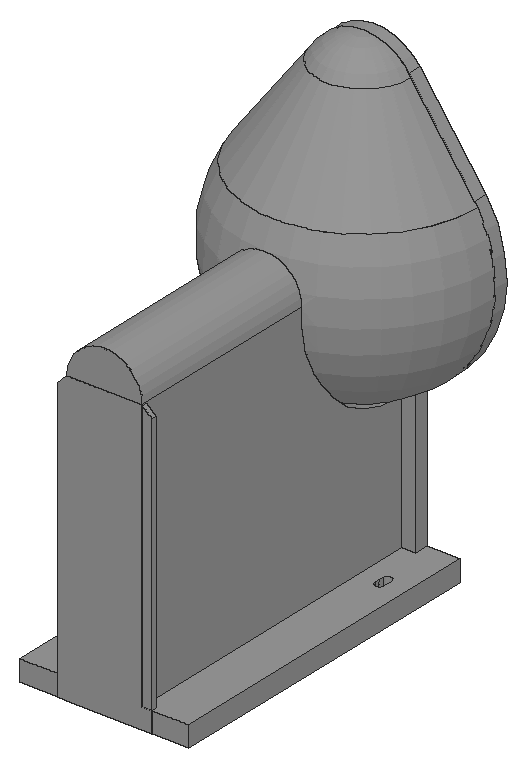
Revit family "Toilet-Willoughby-ETW-1490-FM-FA-TS-HC", category Plumbing Fixtures, Revit 2015
Parameters (values of type "Standard")
  Waste DIA = 2 3/8"
  Waste Connection = yes
  Vent Connection = no
  URL = "https://www.willoughby-ind.com/wp-content/uploads/2018/01/ETW-1490-FM-FA.pdf"
  Type Comments = ""
  Revision = "A"
  Model = "ETW-1490-FM-FA-TS-HC"
  Manufacturer = "Willoughby Industries"
  HW Connection = no
  Flush Inlet DIA = 1 1/2"
  Flush Inlet Connection = yes
  Fixture Body = Stainless Steel AISI 304-Willoughby
  Description = "Handicap Blowout Series Toilet, Front Access, Top Spud, Handicap Seat Height"
  Default Elevation = 0' - 0"
  Contact = "(800) 428-4065"
  CW Connection = no
Reference planes (in)
  plane 1 "Center (Front/Back)": y = 0
  plane 2: z = 0
  plane 3 "Center (Left/Right)": x = 0
  plane 4 "Seat": y = 18
  plane 5 "Top": y = 19
  plane 6: y = 17.25
  plane 7: z = 18.5
  plane 8: z = 14.933
  plane 9: x = 2.5
  plane 10: x = -2.5
  plane 11: z = 15.30775
  plane 12: x = 7
  plane 13: z = 18.24525
  plane 14: z = 8
  plane 15: z = 10
  plane 16: y = 14.5
  plane 17: y = 19.75
  plane 18: x = 2
  plane 19: x = -2
  plane 20: z = 25.75
  plane 21: x = 4.5
  plane 22: x = -4.5
  plane 23: z = 1.125
  plane 24: z = -3
  plane 25: y = 22
  plane 26: z = 2.75
Forms (in)
  Extrusion 1, solid, material "Stainless Steel AISI 304-Willoughby" <- "Fixture Body"
    sketch origin (0, 0, 0) x (1, 0, 0) y (0, 1, 0)
      loop
        line (-4.5, 0) -> (4.5, 0) -> (4.5, 18) -> (-4.5, 18) -> (-4.5, 0)
    from 0 to 1.125
  Revolve 2, solid, material "Stainless Steel AISI 304-Willoughby" <- "Fixture Body"
    sketch origin (-60, 17.25, 55.20755) x (-1, 0, 0) y (0, 0, 1)
      loop
        line (-60, -46.89981) -> (-60, -46.39981)
        arc (-60, -46.39981) -> (-65.42136, -42.59037) -> (-65.23755, -35.96698) r 7
        line (-65.23755, -35.96698) -> (-62.05388, -31.72393) -> (-61.99416, -31.59711)
        arc (-61.99416, -31.59711) -> (-61.12675, -30.82597) -> (-60, -30.54756) r 2.41924
        line (-60, -30.54756) -> (-60, -30.06664)
        arc (-60, -30.06664) -> (-61.44008, -30.44944) -> (-62.5, -31.49678) r 2.90017
        line (-62.5, -31.49678) -> (-66.0721, -36.41706)
        arc (-66.0721, -36.41706) -> (-66.0572, -43.40842) -> (-60, -46.89981) r 7
      axis (-60, -30.06664) -> (-60, -46.89981)
    angle from 0 to 180
  Extrusion 3, solid, material "Stainless Steel AISI 304-Willoughby" <- "Fixture Body"
    sketch origin (0, 0, 7.20755) x (1, 0, 0) y (0, 0, 1)
      loop
        line (-2.75, 1.72332) -> (-2.75, -6.08255) -> (2.75, -6.08255) -> (2.75, 1.7173)
        arc (2.75, 1.7173) -> (6.68642, 6.02823) -> (5.9122, 11.81443) r 6.90394
        line (5.9122, 11.81443) -> (2.39932, 16.65314)
        arc (2.39932, 16.65314) -> (-0.09029, 17.88384) -> (-2.5, 16.50322) r 2.95222
        line (-2.5, 16.50322) -> (-6.0792, 11.57317)
        arc (-6.0792, 11.57317) -> (-6.60519, 5.90783) -> (-2.75, 1.72332) r 7
      loop
        arc (-3.42861, 9.875) -> (0, 4.09219) -> (3.42861, 9.875) r 3.90781
        line (3.42861, 9.875) -> (1.45817, 16.45616)
        arc (1.45817, 16.45616) -> (-0.05754, 17.35793) -> (-1.5058, 16.35139) r 1.629
        line (-1.5058, 16.35139) -> (-3.42861, 9.875)
    from -18 to -17.25
  Extrusion 4, solid, material "Stainless Steel AISI 304-Willoughby" <- "Fixture Body"
    sketch origin (0, 0, 7.20827) x (0, 1, 0) y (0, 0, 1)
      loop
        line (0, 8.29885) -> (0, -6.20827) -> (17.25, -6.20827) -> (17.25, 1.12333)
        arc (17.25, 1.12333) -> (12.47455, 3.27791) -> (10.97879, 8.29885) r 6.30139
        line (10.97879, 8.29885) -> (0, 8.29885)
    from 2 to -2
  Revolve 5, solid, material "Stainless Steel AISI 304-Willoughby" <- "Fixture Body"
    sketch origin (0, 14.5, -24) x (0, 0, -1) y (-1, 0, 0)
      loop
        line (-25, 0) -> (-24, 0) -> (-24, 1.1875) -> (-25, 1.1875) -> (-25, 0)
      axis (-25, 0) -> (-24, 0)
    angle from 0 to 360
  Revolve 6, solid, material "Stainless Steel AISI 304-Willoughby" <- "Fixture Body"
    sketch origin (0, 0, 0) x (0, 1, 0) y (0, 0, 1)
      loop
        line (19, 2.75) -> (16, 2.75) -> (16, 2) -> (19, 2) -> (19, 2.75)
      axis (19, 2.75) -> (16, 2.75)
    angle from 0 to 360
  Extrusion 7, solid, material "Stainless Steel AISI 304-Willoughby" <- "Fixture Body"
    sketch origin (0, 0, 0) x (1, 0, 0) y (0, 0, 1)
      loop
        line (2, 0) -> (2.5, 0) -> (2.5, 15) -> (2, 15.5) -> (-2, 15.5) -> (-2.5, 15) -> (-2.5, 0) -> (-2, 0) -> (2, 0)
    from 0 to -0.25
  Extrusion 8, solid, material "Stainless Steel AISI 304-Willoughby" <- "Fixture Body"
    sketch origin (0, 0, 0) x (1, 0, 0) y (0, 0, 1)
      loop
        arc (2, 15.5) -> (0, 17.5) -> (-2, 15.5) r 2
        line (-2, 15.5) -> (2, 15.5)
    from 0 to -10.67767
  Extrusion 9, void
    sketch origin (0, 0, 0) x (1, 0, 0) y (0, 1, 0)
      loop
        line (3, 14.5) -> (3, 14.25)
        arc (3, 14.25) -> (3.25, 14) -> (3.5, 14.25) r 0.25
        line (3.5, 14.25) -> (3.5, 14.5) -> (3.5, 14.75)
        arc (3.5, 14.75) -> (3.25, 15) -> (3, 14.75) r 0.25
        line (3, 14.75) -> (3, 14.5)
      loop
        line (-3.5, 14.5) -> (-3.5, 14.25)
        arc (-3.5, 14.25) -> (-3.25, 14) -> (-3, 14.25) r 0.25
        line (-3, 14.25) -> (-3, 14.5) -> (-3, 14.75)
        arc (-3, 14.75) -> (-3.25, 15) -> (-3.5, 14.75) r 0.25
        line (-3.5, 14.75) -> (-3.5, 14.5)
    from 0 to 2
Cuts and joins
  Extrusion 9 cuts Extrusion 1
  Extrusion 9 cuts Revolve 2
  Extrusion 9 cuts Extrusion 4
  joined: Extrusion 1, Revolve 2, Extrusion 4
Lines and regions (in)
  symbolic lines
    curve 1: line (2, 0.25, 0) -> (2.5, 0.25, 0)
    curve 2: line (2.5, 0.25, 0) -> (2.5, 0, 0)
    curve 3: line (2.5, 0, 0) -> (-2.5, 0, 0)
    curve 4: line (-2.5, 0, 0) -> (-2.5, 0.25, 0)
    curve 5: line (-2.5, 0.25, 0) -> (-2, 0.25, 0)
    curve 6: line (-7, 17.25, 0) -> (-7, 18, 0)
    curve 7: line (-7, 18, 0) -> (7.00196, 18, 0)
    curve 8: line (7.00196, 18, 0) -> (7.00196, 17.25, 0)
    curve 9: arc (7.00196, 17.25, 0) -> (5.61382, 13.06611, 0) -> (2, 10.5418, 0) r 6.99922
    curve 10: arc (2, 10.5418, 0) -> (0, 10.61834, 0) -> (-2, 10.5418, 0) r 26.16613
    curve 11: arc (-2, 10.5418, 0) -> (-5.61249, 13.0667, 0) -> (-7, 17.25, 0) r 7
    curve 12: line (2, 10.5418, 0) -> (2, 0, 0)
    curve 13: line (-2, 10.5418, 0) -> (-2, 0, 0)
    curve 14: line (-2.75, 0, 8.93087) -> (-2.75, 0, 1.125)
    curve 15: line (-2.75, 0, 1.125) -> (-4.5, 0, 1.125)
    curve 16: line (-4.5, 0, 1.125) -> (-4.5, 0, 0)
    curve 17: line (-4.5, 0, 0) -> (4.5, 0, 0)
    curve 18: line (4.5, 0, 0) -> (4.5, 0, 1.125)
    curve 19: line (4.5, 0, 1.125) -> (2.75, 0, 1.125)
    curve 20: line (2.75, 0, 1.125) -> (2.75, 0, 8.92485)
    curve 21: arc (2.75, 0, 8.92485) -> (6.68642, 0, 13.23579) -> (5.9122, 0, 19.02199) r 6.90394
    curve 22: line (5.9122, 0, 19.02199) -> (2.39932, 0, 23.86069)
    curve 23: arc (2.39932, 0, 23.86069) -> (1.34707, 0, 24.77707) -> (0, 0, 25.14092) r 3.10883
    curve 24: arc (0, 0, 25.14092) -> (-1.45449, 0, 24.78331) -> (-2.5, 0, 23.71078) r 2.72376
    curve 25: line (-2.5, 0, 23.71078) -> (-6.0721, 0, 18.7905)
    curve 26: arc (-6.0721, 0, 18.7905) -> (-6.60686, 0, 13.12083) -> (-2.75, 0, 8.93087) r 6.99821
    curve 32: line (0, 10.67767, 17.5) -> (0, 0, 17.5)
    curve 33: line (0, 0, 17.5) -> (0, 0, 0)
    curve 34: line (0, 0, 0) -> (0, 18, 0)
    curve 35: line (0, 18, 0) -> (0, 18, 25.09277)
    curve 36: line (0, 18, 25.09277) -> (0, 17.25, 25.09277)
    curve 37: arc (0, 17.25, 25.09277) -> (0, 15.82172, 24.72428) -> (0, 14.75, 23.71078) r 2.95222
    curve 38: line (0, 14.75, 23.71078) -> (0, 11.1779, 18.7905)
    curve 39: arc (0, 11.1779, 18.7905) -> (0, 10.86253, 18.15775) -> (0, 10.60333, 17.5) r 8.12985
    curve 40: arc (0, 10.60333, 17.5) -> (0, 10.59028, 16.50307) -> (0, 10.54407, 15.50712) r 29.97618
    curve 41: arc (0, 10.54407, 15.50712) -> (0, 10.71035, 13.67853) -> (0, 11.42201, 11.98593) r 5.99798
    curve 42: arc (0, 11.42201, 11.98593) -> (0, 13.81176, 9.32269) -> (0, 17.25, 8.3316) r 6.4873
    curve 43: line (0, 18, 8.93087) -> (0, 17.25, 8.93087)
    curve 44: line (0, 17.25, 8.93087) -> (0, 17.25, 1.125)
    curve 45: line (0, 17.25, 1.125) -> (0, 0, 1.125)
    curve 46: line (-4.5, 11.8881, 0) -> (-4.5, 0, 0)
    curve 47: line (4.5, 11.88682, 0) -> (4.5, 0, 0)
    curve 48: line (2.5, 0, 0) -> (4.5, 0, 0)
    curve 49: line (-2.5, 0, 0) -> (-4.5, 0, 0)
  symbolic lines, detail levels fine
    curve 27: arc (-3.42861, 0, 17.08255) -> (0, 0, 11.29974) -> (3.42861, 0, 17.08255) r 3.90781
    curve 28: line (3.42861, 0, 17.08255) -> (1.45817, 0, 23.66371)
    curve 29: arc (1.45817, 0, 23.66371) -> (0.85751, 0, 24.32253) -> (0, 0, 24.5665) r 1.629
    curve 30: arc (0, 0, 24.5665) -> (-0.9059, 0, 24.29138) -> (-1.5058, 0, 23.55895) r 1.629
    curve 31: line (-1.5058, 0, 23.55895) -> (-3.42861, 0, 17.08255)
Dimensions and locks (in)
  equal spacing: plane 9, plane 3 "Center (Left/Right)", plane 10  (x2)
  locked: plane 9 to plane 10 at 5
  plane 7 to level = 1' - 6 1/2"
  plane 5 "Top" to plane 1 "Center (Front/Back)" = 1' - 7"
  plane 4 "Seat" to plane 1 "Center (Front/Back)" = 1' - 6"
  plane 16 to plane 1 "Center (Front/Back)" = 1' - 2 1/2"
  plane 1 "Center (Front/Back)" to plane 16 = 1' - 2 1/2"
  plane 19 to plane 18 = 0' - 4"
  plane 6 to plane 1 "Center (Front/Back)" = 1' - 5 1/4"
  level to plane 20 = 2' - 1 3/4"
  plane 22 to plane 21 = 0' - 9"
  plane 1 "Center (Front/Back)" to plane 4 "Seat" = 1' - 6"
  plane 22 to plane 3 "Center (Left/Right)" = 0' - 4 1/2"
  plane 25 to plane 1 "Center (Front/Back)" = 1' - 10"
  equal spacing: plane 18, plane 3 "Center (Left/Right)", plane 19
  aligned and locked: plane 21 to Extrusion 1
  aligned and locked: Extrusion 1 to plane 22
  aligned and locked: plane 18 to Extrusion 4
  aligned and locked: Extrusion 4 to plane 19
  aligned and locked: Revolve 6 sketch curve to Revolve 6 sketch curve  (x2)
Automatic sketch dimensions
  Extrusion 1 sketch curve to plane 5 "Top" = 0' - 1"
  plane 15 to Extrusion 4 sketch curve = 0' - 5.50712"
  Extrusion 4 sketch curve to plane 6 = 0' - 0"
  Extrusion 4 sketch curve to plane 6 = 0' - 0.03075"
  plane 14 to Extrusion 4 sketch curve = 0' - 6.63292"
  level to Extrusion 4 sketch curve = 0' - 1"
  Extrusion 4 sketch curve to plane 6 = 0' - 6.27121"
  Revolve 2 sketch curve to Revolve 2 sketch curve = 0' - 0"  (x3)
  Revolve 2 sketch curve to plane 9 = 0' - 0"
  Revolve 2 sketch curve to plane 3 "Center (Left/Right)" = 0' - 0"  (x3)
  Revolve 2 sketch curve to plane 11 = 0' - 0"
  Revolve 2 sketch curve to plane 9 = 0' - 0.44612"
  Revolve 2 sketch curve to Revolve 2 sketch curve = 0' - 0.05972"
  plane 11 to Revolve 2 sketch curve = 0' - 0.45007"
  Revolve 2 sketch curve to plane 3 "Center (Left/Right)" = 0' - 0.83455"
  level to Revolve 2 sketch curve = 0' - 8.80775"
  Revolve 2 sketch curve to Revolve 2 sketch curve = 0' - 0 1/2"
  plane 8 to Revolve 2 sketch curve = 0' - 7.30775"
  plane 8 to Revolve 2 sketch curve = 0' - 8.55063"
  Revolve 2 sketch curve to Revolve 2 sketch curve = 0' - 0.12681"
  Revolve 2 sketch curve to Revolve 2 sketch curve = 0' - 0.22715"
  Revolve 5 sketch curve to plane 3 "Center (Left/Right)" = 0' - 0"  (x2)
  level to Revolve 5 sketch curve = 0' - 1"
  Revolve 5 sketch curve to level = 0' - 0"
  Revolve 5 sketch curve to Revolve 5 sketch curve = 0' - 1 3/16"
  Revolve 5 sketch curve to Revolve 5 sketch curve = 0' - 0"
  Revolve 5 sketch curve to Revolve 5 sketch curve = 0' - 4 3/4"
  Extrusion 1 sketch curve to plane 10 = 0' - 2"
  plane 9 to Extrusion 1 sketch curve = 0' - 2"
  plane 7 to Revolve 2 sketch curve = 0' - 0.74057"
  plane 7 to Revolve 2 sketch curve = 0' - 0.2905"
  plane 1 "Center (Front/Back)" to Extrusion 1 sketch curve = 0' - 0"
  Extrusion 4 sketch curve to plane 1 "Center (Front/Back)" = 0' - 0"
  Revolve 6 sketch curve to plane 26 = 0' - 0"  (x2)
  Revolve 6 sketch curve to plane 5 "Top" = 0' - 0"
  Revolve 6 sketch curve to plane 6 = 0' - 1 1/4"
  Revolve 6 sketch curve to Revolve 6 sketch curve = 0' - 0 3/4"
  Revolve 6 sketch curve to Revolve 6 sketch curve = 0' - 0"
  Extrusion 7 sketch curve to plane 10 = 0' - 0"
  Extrusion 7 sketch curve to level = 0' - 0"
  plane 19 to Extrusion 7 sketch curve = 0' - 0"
  Extrusion 7 sketch curve to plane 19 = 0' - 0"
  Extrusion 7 sketch curve to plane 18 = 0' - 0"
  plane 18 to Extrusion 7 sketch curve = 0' - 0"
  plane 9 to Extrusion 7 sketch curve = 0' - 0"
  plane 8 to Extrusion 7 sketch curve = 0' - 0.067"  (x2)
  plane 8 to Extrusion 7 sketch curve = 0' - 0.567"
  Extrusion 8 sketch curve to plane 19 = 0' - 0"
  Extrusion 8 sketch curve to plane 18 = 0' - 0"
  plane 8 to Extrusion 8 sketch curve = 0' - 0.567"
  Extrusion 3 sketch curve to plane 23 = 0' - 0"
  Extrusion 3 sketch curve to plane 10 = 0' - 0"
  Extrusion 3 sketch curve to plane 3 "Center (Left/Right)" = 0' - 0"  (x3)
  Extrusion 3 sketch curve to plane 10 = 0' - 0 1/4"
  Extrusion 3 sketch curve to plane 10 = 0' - 0.92861"
  plane 7 to Extrusion 3 sketch curve = 0' - 0.28072"
  Extrusion 3 sketch curve to plane 22 = 0' - 1.5792"
  plane 19 to Extrusion 3 sketch curve = 0' - 0.4942"
  plane 3 "Center (Left/Right)" to Extrusion 3 sketch curve = 0' - 0.02626"
  Extrusion 3 sketch curve to Extrusion 3 sketch curve = 0' - 0.07176"
  Extrusion 3 sketch curve to plane 18 = 0' - 0.54183"
  Extrusion 3 sketch curve to plane 9 = 0' - 0.10068"
  plane 9 to Extrusion 3 sketch curve = 0' - 0 1/4"
  plane 9 to Extrusion 3 sketch curve = 0' - 0.92861"
  plane 14 to Extrusion 3 sketch curve = 0' - 0.92485"
  plane 14 to Extrusion 3 sketch curve = 0' - 0.93087"
  Extrusion 3 sketch curve to Extrusion 3 sketch curve = 0' - 0.14923"
  Extrusion 3 sketch curve to Extrusion 3 sketch curve = 0' - 0.05766"
  Extrusion 3 sketch curve to plane 7 = 0' - 1.41745"
  Extrusion 3 sketch curve to plane 20 = 0' - 3.60945"
  Extrusion 3 sketch curve to Extrusion 3 sketch curve = 0' - 0.79695"
  Extrusion 3 sketch curve to Extrusion 3 sketch curve = 0' - 0.62145"
  Extrusion 3 sketch curve to Extrusion 3 sketch curve = 0' - 0.15183"
  plane 7 to Extrusion 3 sketch curve = 0' - 0.52199"
  curve 29 to curve 30 = 0' - 0"
  curve 17 to level = 0' - 0"
  curve 17 to plane 22 = 0' - 0"
  curve 14 to plane 23 = 0' - 0"
  curve 24 to plane 10 = 0' - 0"
  curve 30 to plane 3 "Center (Left/Right)" = 0' - 0"
  curve 27 to plane 3 "Center (Left/Right)" = 0' - 0"
  curve 23 to plane 3 "Center (Left/Right)" = 0' - 0"
  curve 24 to plane 3 "Center (Left/Right)" = 0' - 0"
  curve 19 to plane 23 = 0' - 0"
  curve 18 to plane 21 = 0' - 0"
  plane 7 to curve 25 = 0' - 0.2905"
  curve 25 to plane 22 = 0' - 1.5721"
  curve 14 to plane 10 = 0' - 0 1/4"
  curve 23 to plane 3 "Center (Left/Right)" = 0' - 0.11643"
  curve 24 to plane 3 "Center (Left/Right)" = 0' - 0.10201"
  plane 3 "Center (Left/Right)" to curve 26 = 0' - 0.02502"
  curve 26 to curve 21 = 0' - 0.073"
  curve 28 to plane 18 = 0' - 0.54183"
  curve 22 to plane 9 = 0' - 0.10068"
  plane 9 to curve 20 = 0' - 0 1/4"
  plane 9 to curve 28 = 0' - 0.92861"
  plane 7 to curve 22 = 0' - 0.52199"
  plane 21 to curve 22 = 0' - 1.4122"
  plane 14 to curve 20 = 0' - 0.92485"
  plane 14 to curve 14 = 0' - 0.93087"
  curve 27 to curve 21 = 0' - 0.09157"
  curve 28 to plane 7 = 0' - 1.41745"
  plane 7 to curve 23 = 0' - 3.53426"
  curve 23 to curve 24 = 0' - 0.38481"
  curve 24 to curve 30 = 0' - 0.51843"
  curve 28 to curve 22 = 0' - 0.19698"
  curve 27 to plane 10 = 0' - 0.92861"
  plane 19 to curve 30 = 0' - 0.4942"
  curve 33 to plane 1 "Center (Front/Back)" = 0' - 0"
  curve 36 to plane 6 = 0' - 0"
  curve 45 to plane 6 = 0' - 0"
  curve 35 to level = 0' - 0"
  curve 35 to plane 4 "Seat" = 0' - 0"
  curve 44 to plane 23 = 0' - 0"
  curve 40 to plane 7 = 0' - 1.10603"
  plane 1 "Center (Front/Back)" to curve 40 = 1' - 7.37266"
  plane 7 to curve 38 = 0' - 0.2905"
  curve 38 to plane 16 = 0' - 3.3221"
  plane 16 to curve 38 = 0' - 0 1/4"
  plane 8 to curve 41 = 0' - 0.19657"
  curve 41 to plane 6 = 0' - 0.71984"
  plane 6 to curve 42 = 0' - 0.00804"
  curve 39 to plane 8 = 0' - 0.08196"
  plane 4 "Seat" to curve 39 = 0' - 0.28952"
  plane 14 to curve 44 = 0' - 0.93087"
  curve 42 to plane 8 = 0' - 0.11411"
  curve 32 to plane 7 = 0' - 1"
  curve 37 to plane 20 = 0' - 3.60945"
  curve 38 to plane 20 = 0' - 2.03922"
  plane 8 to curve 40 = 0' - 0.57412"
  curve 41 to curve 40 = 0' - 0"
  curve 39 to curve 32 = 0' - 0.07434"
  plane 15 to curve 42 = 0' - 1.98593"
  curve 11 to plane 6 = 0' - 0"
  curve 6 to plane 4 "Seat" = 0' - 0"
  curve 46 to plane 22 = 0' - 0"
  curve 4 to plane 10 = 0' - 0"
  curve 13 to plane 19 = 0' - 0"
  curve 11 to plane 3 "Center (Left/Right)" = 0' - 0"
  curve 10 to plane 3 "Center (Left/Right)" = 0' - 0"
  curve 9 to plane 6 = 0' - 0"
  plane 1 "Center (Front/Back)" to curve 12 = 0' - 0"
  curve 12 to plane 18 = 0' - 0"
  curve 1 to plane 9 = 0' - 0"
  curve 47 to plane 21 = 0' - 0"
  curve 7 to plane 22 = 0' - 2 1/2"
  plane 3 "Center (Left/Right)" to curve 9 = 0' - 0.00274"
  plane 1 "Center (Front/Back)" to curve 10 = 1' - 3.54779"
  curve 3 to curve 4 = 0' - 0 1/4"
  curve 2 to curve 2 = 0' - 0 1/4"
  Extrusion 9 sketch curve to plane 16 = 0' - 0"  (x4)
  Extrusion 9 sketch curve to plane 10 = 0' - 0 1/2"
  Extrusion 9 sketch curve to Extrusion 9 sketch curve = 0' - 0 1/4"  (x2)
  plane 9 to Extrusion 9 sketch curve = 0' - 0 1/2"
  Extrusion 9 sketch curve to plane 16 = 0' - 0 1/4"  (x2)
  plane 16 to Extrusion 9 sketch curve = 0' - 0 1/4"  (x2)
Connectors (in)
  piping at (0, 14.5, 0), diameter 2.375, driven by "Waste Connection", driven by "Waste DIA"
    settings: on Revolve 5, index 1, connector inside diameter 24", connector length 0' - 0", flow factor 0, pipe flow 0 GPM, pressure drop 0.00 psi, fitting loss kfactor 0, connector angle 0.00°, fixture units 0, engagement length 0' - 0", angle of deflection 0.00°, flow configuration 0, flow direction 2, fitting loss method 0, system type 16, joint type 0, gender type 0, connector reference index -1, connector utility 1, adjustable connector no, is connector primary yes, connector description "Toilet Waste"
  piping at (0, 19, 2.75), diameter 1.5, driven by "Flush Inlet Connection", driven by "Flush Inlet DIA"
    settings: on Revolve 6, index 2, connector inside diameter 24", connector length 0' - 0", flow factor 0, pipe flow 0 GPM, pressure drop 0.00 psi, fitting loss kfactor 0, connector angle 0.00°, fixture units 0, engagement length 0' - 0", angle of deflection 0.00°, flow configuration 0, flow direction 1, fitting loss method 0, system type 20, joint type 0, gender type 0, connector reference index -1, connector utility 1, adjustable connector no, is connector primary no, connector description "Flush Inlet"
